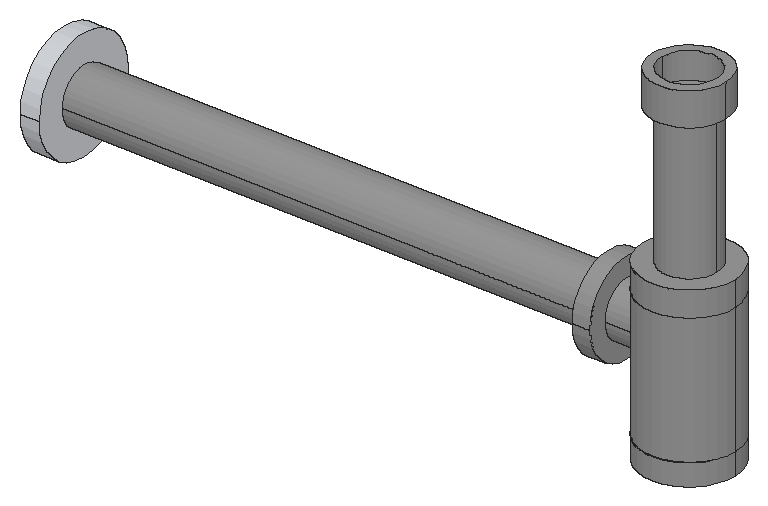
Revit family "SIFON RED", category Plumbing Fixtures, Revit 2019
Family settings
  Round Connector Dimension = Use Diameter
  Part Type = Normal
  OmniClass Number = 23.45.00.00
  OmniClass Title = Sanitary, Laundry, and Cleaning Equipment
  Work Plane-Based = No
  Always vertical = Yes
  Cut with Voids When Loaded = No
  Shared = No
  Room Calculation Point = No
Reference planes
  plane 1 "Center (Front/Back)": y = 0
  plane 2: z = 0
  plane 3 "Center (Left/Right)": x = 0
Forms (mm)
  Extrusion 1, solid
    sketch origin (0, 0, 0) x (0, 1, 0) y (0, 0, 1)
      loop
        circle (0, 0) r 15
    from 0 to 295
  Extrusion 2, solid
    sketch origin (0, 0, 0) x (0, 1, 0) y (0, 0, 1)
      loop
        circle (0, 0) r 25
    from 295 to 304.34
  Extrusion 3, solid
    sketch origin (0, 0, 0) x (0, 1, 0) y (0, 0, 1)
      loop
        circle (0, 0) r 15
    from 304.34 to 330.047
  Extrusion 4, solid
    sketch origin (0, 0, 0) x (1, 0, 0) y (0, 1, 0)
      loop
        circle (338.294, 0) r 25
    from -48.998 to 20.959
  Extrusion 5, solid
    sketch origin (0, 0, 0) x (1, 0, 0) y (0, 1, 0)
      loop
        circle (338.294, 0) r 15
    from 34.515 to 110.578
  Extrusion 6, solid
    sketch origin (0, 0, 0) x (1, 0, 0) y (0, 1, 0)
      loop
        circle (338.294, 0) r 20
    from 110.578 to 128.376
  Extrusion 7, void
    sketch origin (0, 0, 0) x (1, 0, 0) y (0, 1, 0)
      loop
        circle (338.294, 0) r 15
    from 114.085 to 128.376
  Extrusion 8, solid
    sketch origin (0, 0, 0) x (1, 0, 0) y (0, 1, 0)
      loop
        circle (338.294, 0) r 25
    from -60.868 to -49.269
  Extrusion 9, solid
    sketch origin (0, 0, 0) x (1, 0, 0) y (0, 1, 0)
      loop
        circle (338.294, 0) r 25
    from 20.959 to 34.515
  Extrusion 10, solid
    sketch origin (0, 0, 0) x (0, 1, 0) y (0, 0, 1)
      loop
        circle (0, 0) r 30
    from 0 to 10.32
Cuts and joins
  Extrusion 7 cuts Extrusion 3
  Extrusion 7 cuts Extrusion 4
  joined: Extrusion 3, Extrusion 4
  Extrusion 7 cuts Extrusion 5
  Extrusion 7 cuts Extrusion 6
Dimensions and locks
  aligned and locked: level to plane 2
Connectors
  piping at (0, 0, 0), diameter 30
    settings: on Extrusion 1, index 1, connector inside diameter 609.6 mm, connector length 0 mm, flow factor 0, pipe flow 0.0 L/s, pressure drop 0.0 Pa, fitting loss kfactor 0, connector angle 0.00°, fixture units 0, engagement length 0 mm, angle of deflection 0.00°, flow configuration 0, flow direction 0, fitting loss method 0, system type 7, joint type 0, gender type 0, connector reference index -1, connector utility 0, adjustable connector no, is connector primary yes, connector description ""
